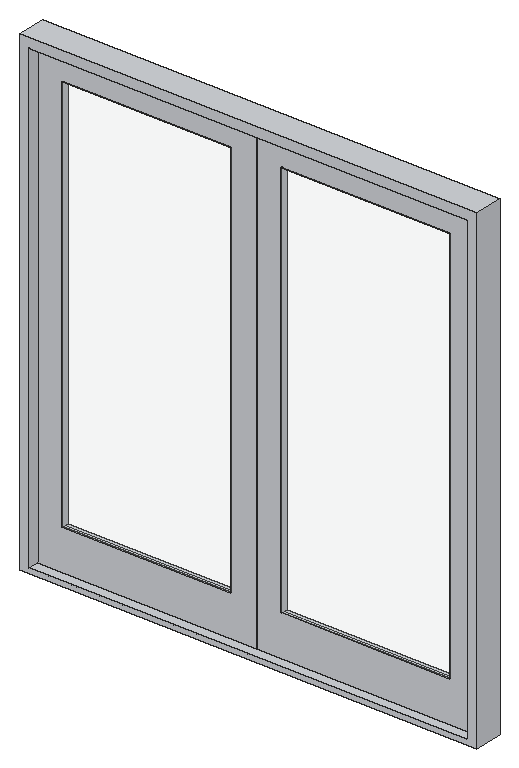
Revit family "PHLS Double Door", category Doors, host Wall, Revit 2018 (continued)
Definition of nested family "dReveal Right Side Text - Elevation"
  Lines and regions (mm)
    Filled region 3, type "Solid Fill - Blue", in view "Ref. Level"
      outline origin (37.164, 0, 0) x (1, 0, 0) y (0, 1, 0)
        loop
          line (-188.472, -33.793) -> (-185.05, -33.793) -> (-182.961, -23.613) -> (-175.674, -23.613)
          spline (-175.674, -23.613) -> (-171.33, -22.908) -> (-169.791, -22.309) -> (-168.405, -21.311) -> (-167.201, -20.024) -> (-166.317, -18.518) -> (-165.768, -16.888) -> (-165.579, -15.289) -> (-165.618, -13.63) -> (-166.119, -11.979) -> (-167.07, -10.588) -> (-168.322, -9.573) -> (-171.627, -8.762)
          line (-171.627, -8.762) -> (-183.335, -8.762) -> (-188.472, -33.793)
        loop
          line (-180.453, -11.396) -> (-182.387, -20.819) -> (-175.67, -20.819)
          spline (-175.67, -20.819) -> (-172.662, -20.274) -> (-171.624, -19.818) -> (-170.758, -19.233) -> (-170.01, -18.47) -> (-169.367, -17.36) -> (-168.916, -16.205) -> (-168.749, -15.161) -> (-168.855, -14.116) -> (-169.161, -13.156) -> (-169.994, -12.16) -> (-170.911, -11.709) -> (-173.495, -11.396)
          line (-173.495, -11.396) -> (-180.453, -11.396)
    Filled region 4, type "Solid Fill - Blue", in view "Ref. Level"
      outline origin (60.229, 0, 0) x (1, 0, 0) y (0, 1, 0)
        loop
          line (-188.472, -33.793) -> (-185.05, -33.793) -> (-182.961, -23.613) -> (-175.674, -23.613)
          spline (-175.674, -23.613) -> (-171.33, -22.908) -> (-169.791, -22.309) -> (-168.405, -21.311) -> (-167.201, -20.024) -> (-166.317, -18.518) -> (-165.768, -16.888) -> (-165.579, -15.289) -> (-165.618, -13.63) -> (-166.119, -11.979) -> (-167.07, -10.588) -> (-168.322, -9.573) -> (-171.627, -8.762)
          line (-171.627, -8.762) -> (-183.335, -8.762) -> (-188.472, -33.793)
        loop
          line (-180.453, -11.396) -> (-182.387, -20.819) -> (-175.67, -20.819)
          spline (-175.67, -20.819) -> (-172.662, -20.274) -> (-171.624, -19.818) -> (-170.758, -19.233) -> (-170.01, -18.47) -> (-169.367, -17.36) -> (-168.916, -16.205) -> (-168.749, -15.161) -> (-168.855, -14.116) -> (-169.161, -13.156) -> (-169.994, -12.16) -> (-170.911, -11.709) -> (-173.495, -11.396)
          line (-173.495, -11.396) -> (-180.453, -11.396)
    Filled region 5, type "Solid Fill - Blue", in view "Ref. Level"
      outline origin (105.229, 0, 0) x (1, 0, 0) y (0, 1, 0)
        loop
          line (-189.097, -33.793) -> (-186.143, -33.793) -> (-181.007, -8.762) -> (-183.96, -8.762) -> (-185.992, -18.666)
          spline (-185.992, -18.666) -> (-189.018, -15.645) -> (-191.89, -15.318) -> (-194.745, -16.312) -> (-197.017, -18.256) -> (-198.758, -21.005) -> (-199.707, -23.911) -> (-199.98, -27.227) -> (-199.492, -30.174) -> (-197.974, -32.627) -> (-195.435, -34.052) -> (-192.553, -33.977) -> (-188.596, -31.353)
          line (-188.596, -31.353) -> (-189.097, -33.793)
        loop
          spline (-187.074, -23.939) -> (-187.766, -19.434) -> (-189.652, -17.96) -> (-191.978, -17.855) -> (-193.982, -19.036) -> (-195.419, -21.043) -> (-196.57, -23.675) -> (-197.008, -26.615) -> (-196.558, -29.314) -> (-195.29, -31.127) -> (-193.225, -31.745) -> (-190.995, -31.199) -> (-187.564, -26.326)
          line (-187.564, -26.326) -> (-187.074, -23.939)
    Filled region 6, type "Solid Fill - Blue", in view "Ref. Level"
      outline origin (112.67, 0, 0) x (1, 0, 0) y (0, 1, 0)
        loop
          line (-188.472, -33.793) -> (-185.05, -33.793) -> (-182.768, -22.676) -> (-178.749, -22.676)
          spline (-178.749, -22.676) -> (-177.093, -22.836) -> (-175.853, -23.268) -> (-174.945, -23.899) -> (-174.288, -24.657) -> (-173.796, -25.469) -> (-173.389, -26.266) -> (-173.006, -27.05) -> (-172.612, -27.905) -> (-172.172, -28.918) -> (-171.652, -30.178) -> (-171.017, -31.774) -> (-170.235, -33.793)
          line (-170.235, -33.793) -> (-166.55, -33.793)
          spline (-166.55, -33.793) -> (-167.221, -32.11) -> (-167.783, -30.698) -> (-168.262, -29.514) -> (-168.682, -28.512) -> (-169.068, -27.647) -> (-169.446, -26.874) -> (-169.84, -26.149) -> (-170.279, -25.44) -> (-170.789, -24.735) -> (-171.402, -24.023) -> (-172.145, -23.293) -> (-173.048, -22.536)
          spline (-173.048, -22.536) -> (-169.187, -21.607) -> (-167.872, -20.91) -> (-166.626, -19.99) -> (-165.691, -18.809) -> (-165.041, -17.479) -> (-164.64, -16.087) -> (-164.569, -14.41) -> (-164.781, -12.941) -> (-165.311, -11.614) -> (-166.271, -10.347) -> (-167.333, -9.51) -> (-170.221, -8.762)
          line (-170.221, -8.762) -> (-183.335, -8.762) -> (-188.472, -33.793)
        loop
          line (-180.453, -11.396) -> (-182.195, -19.881) -> (-174.048, -19.881)
          spline (-174.048, -19.881) -> (-171.339, -19.39) -> (-170.403, -18.98) -> (-169.624, -18.453) -> (-168.951, -17.766) -> (-168.372, -16.767) -> (-167.965, -15.727) -> (-167.815, -14.787) -> (-167.91, -13.846) -> (-168.186, -12.981) -> (-168.936, -12.084) -> (-169.762, -11.678) -> (-172.089, -11.396)
          line (-172.089, -11.396) -> (-180.453, -11.396)
    Filled region 7, type "Solid Fill - Blue", in view "Ref. Level"
      outline origin (140.799, 0, 0) x (1, 0, 0) y (0, 1, 0)
        loop
          line (-188.129, -25.472) -> (-174.751, -25.472)
          spline (-174.751, -25.472) -> (-175.33, -18.793) -> (-178.232, -15.972) -> (-182.297, -15.286) -> (-185.875, -16.235) -> (-188.923, -19.053) -> (-190.829, -22.908) -> (-191.378, -26.678) -> (-190.398, -30.629) -> (-187.637, -33.408) -> (-183.785, -34.191) -> (-179.629, -32.861) -> (-175.591, -27.915)
          line (-175.591, -27.915) -> (-178.628, -27.65)
          spline (-178.628, -27.65) -> (-179.383, -29.083) -> (-180.181, -30.112) -> (-181.08, -30.842) -> (-182.086, -31.328) -> (-183.191, -31.613) -> (-184.325, -31.69) -> (-185.385, -31.524) -> (-186.294, -31.082) -> (-187.053, -30.342) -> (-187.68, -29.283) -> (-188.105, -27.762) -> (-188.129, -25.472)
        loop
          spline (-177.445, -23.161) -> (-177.526, -21.224) -> (-177.805, -19.993) -> (-178.317, -19.083) -> (-179.061, -18.396) -> (-179.944, -17.928) -> (-180.872, -17.685) -> (-181.802, -17.626) -> (-182.746, -17.748) -> (-183.806, -18.125) -> (-185.057, -18.884) -> (-186.406, -20.407) -> (-187.699, -23.161)
          line (-187.699, -23.161) -> (-177.445, -23.161)
    Filled region 8, type "Solid Fill - Blue", in view "Ref. Level"
      outline origin (177.936, 0, 0) x (1, 0, 0) y (0, 1, 0)
        loop
          line (-188.129, -25.472) -> (-174.751, -25.472)
          spline (-174.751, -25.472) -> (-175.33, -18.793) -> (-178.232, -15.972) -> (-182.297, -15.286) -> (-185.875, -16.235) -> (-188.923, -19.053) -> (-190.829, -22.908) -> (-191.378, -26.678) -> (-190.398, -30.629) -> (-187.637, -33.408) -> (-183.785, -34.191) -> (-179.629, -32.861) -> (-175.591, -27.915)
          line (-175.591, -27.915) -> (-178.628, -27.65)
          spline (-178.628, -27.65) -> (-179.383, -29.083) -> (-180.181, -30.112) -> (-181.08, -30.842) -> (-182.086, -31.328) -> (-183.191, -31.613) -> (-184.325, -31.69) -> (-185.385, -31.524) -> (-186.294, -31.082) -> (-187.053, -30.342) -> (-187.68, -29.283) -> (-188.105, -27.762) -> (-188.129, -25.472)
        loop
          spline (-177.445, -23.161) -> (-177.526, -21.224) -> (-177.805, -19.993) -> (-178.317, -19.083) -> (-179.061, -18.396) -> (-179.944, -17.928) -> (-180.872, -17.685) -> (-181.802, -17.626) -> (-182.746, -17.748) -> (-183.806, -18.125) -> (-185.057, -18.884) -> (-186.406, -20.407) -> (-187.699, -23.161)
          line (-187.699, -23.161) -> (-177.445, -23.161)
    Filled region 9, type "Solid Fill - Blue", in view "Ref. Level"
      outline origin (162.443, 0, 0) x (1, 0, 0) y (0, 1, 0)
        loop
          line (-189.88, -33.819) -> (-186.425, -33.819) -> (-175.939, -15.656) -> (-179.19, -15.656) -> (-187.655, -30.927) -> (-189.88, -15.656) -> (-192.832, -15.656) -> (-189.88, -33.819)
    Filled region 10, type "Solid Fill - Blue", in view "Ref. Level"
      outline origin (197.496, 0, 0) x (1, 0, 0) y (0, 1, 0)
        loop
          spline (-176.731, -33.81) -> (-177.048, -30.756) -> (-176.568, -27.729) -> (-175.862, -24.428) -> (-175.296, -21.761) -> (-175.209, -19.472) -> (-176.174, -17.323) -> (-178.088, -15.946) -> (-180.408, -15.324) -> (-183.076, -15.244) -> (-185.871, -15.924) -> (-188.445, -17.662) -> (-190.254, -20.766)
          line (-190.254, -20.766) -> (-187.177, -21.036)
          spline (-187.177, -21.036) -> (-186.217, -19.367) -> (-185.166, -18.49) -> (-184.123, -18.053) -> (-183.14, -17.828) -> (-182.213, -17.753) -> (-181.329, -17.788) -> (-180.488, -17.931) -> (-179.696, -18.205) -> (-178.989, -18.646) -> (-178.457, -19.328) -> (-178.242, -20.429) -> (-178.61, -22.434)
          spline (-178.61, -22.434) -> (-182.106, -22.969) -> (-185.94, -23.268) -> (-188.411, -23.836) -> (-190.183, -24.81) -> (-191.466, -26.329) -> (-192.072, -28.375) -> (-191.785, -30.63) -> (-190.666, -32.589) -> (-188.815, -33.834) -> (-186.625, -34.269) -> (-184.308, -33.979) -> (-180.197, -31.547)
          line (-180.197, -31.547) -> (-179.837, -33.81) -> (-176.731, -33.81)
        loop
          arc (-179.062, -24.59) -> (-179.61, -24.797) -> (-180.176, -24.947) r 5.632
          spline (-180.176, -24.947) -> (-183.054, -25.289) -> (-185.569, -25.599) -> (-187.565, -26.26) -> (-188.711, -27.474) -> (-189.006, -29.249) -> (-188.323, -30.798) -> (-186.742, -31.691) -> (-184.734, -31.772) -> (-182.898, -31.193) -> (-181.336, -30.093) -> (-180.13, -28.385) -> (-179.062, -24.59)
    Filled region 11, type "Solid Fill - Blue", in view "Ref. Level"
      outline origin (212.589, 0, 0) x (1, 0, 0) y (0, 1, 0)
        loop
          line (-188.472, -33.793) -> (-185.362, -33.793) -> (-180.225, -8.762) -> (-183.335, -8.762) -> (-188.472, -33.793)
    Filled region 12, type "Solid Fill - Blue", in view "Ref. Level"
      outline origin (374.336, 0, 0) x (1, 0, 0) y (0, 1, 0)
        loop
          line (-188.129, -25.472) -> (-174.751, -25.472)
          spline (-174.751, -25.472) -> (-175.33, -18.793) -> (-178.232, -15.972) -> (-182.297, -15.286) -> (-185.875, -16.235) -> (-188.923, -19.053) -> (-190.829, -22.908) -> (-191.378, -26.678) -> (-190.398, -30.629) -> (-187.637, -33.408) -> (-183.785, -34.191) -> (-179.629, -32.861) -> (-175.591, -27.915)
          line (-175.591, -27.915) -> (-178.628, -27.65)
          spline (-178.628, -27.65) -> (-179.383, -29.083) -> (-180.181, -30.112) -> (-181.08, -30.842) -> (-182.086, -31.328) -> (-183.191, -31.613) -> (-184.325, -31.69) -> (-185.385, -31.524) -> (-186.294, -31.082) -> (-187.053, -30.342) -> (-187.68, -29.283) -> (-188.105, -27.762) -> (-188.129, -25.472)
        loop
          spline (-177.445, -23.161) -> (-177.526, -21.224) -> (-177.805, -19.993) -> (-178.317, -19.083) -> (-179.061, -18.396) -> (-179.944, -17.928) -> (-180.872, -17.685) -> (-181.802, -17.626) -> (-182.746, -17.748) -> (-183.806, -18.125) -> (-185.057, -18.884) -> (-186.406, -20.407) -> (-187.699, -23.161)
          line (-187.699, -23.161) -> (-177.445, -23.161)
    Filled region 13, type "Solid Fill - Blue", in view "Ref. Level"
      outline origin (363.908, 0, 0) x (1, 0, 0) y (0, 1, 0)
        loop
          line (-189.097, -33.793) -> (-186.143, -33.793) -> (-181.007, -8.762) -> (-183.96, -8.762) -> (-185.992, -18.666)
          spline (-185.992, -18.666) -> (-189.018, -15.645) -> (-191.89, -15.318) -> (-194.745, -16.312) -> (-197.017, -18.256) -> (-198.758, -21.005) -> (-199.707, -23.911) -> (-199.98, -27.227) -> (-199.492, -30.174) -> (-197.974, -32.627) -> (-195.435, -34.052) -> (-192.553, -33.977) -> (-188.596, -31.353)
          line (-188.596, -31.353) -> (-189.097, -33.793)
        loop
          spline (-187.074, -23.939) -> (-187.766, -19.434) -> (-189.652, -17.96) -> (-191.978, -17.855) -> (-193.982, -19.036) -> (-195.419, -21.043) -> (-196.57, -23.675) -> (-197.008, -26.615) -> (-196.558, -29.314) -> (-195.29, -31.127) -> (-193.225, -31.745) -> (-190.995, -31.199) -> (-187.564, -26.326)
          line (-187.564, -26.326) -> (-187.074, -23.939)
    Filled region 14, type "Solid Fill - Blue", in view "Ref. Level"
      outline origin (301.91, 0, 0) x (1, 0, 0) y (0, 1, 0)
        loop
          spline (-188.225, -31.068) -> (-188.142, -32.2) -> (-187.85, -32.743) -> (-187.548, -33.075) -> (-187.215, -33.366) -> (-186.817, -33.641) -> (-186.334, -33.851) -> (-185.8, -33.988) -> (-185.279, -34.07) -> (-184.77, -34.11) -> (-184.203, -34.117) -> (-183.457, -34.057) -> (-182.296, -33.793)
          line (-182.296, -33.793) -> (-181.778, -31.268)
          spline (-181.778, -31.268) -> (-182.615, -31.431) -> (-183.256, -31.506) -> (-183.748, -31.513) -> (-184.131, -31.466) -> (-184.428, -31.371) -> (-184.66, -31.233) -> (-184.832, -31.045) -> (-184.939, -30.798) -> (-184.983, -30.489) -> (-184.981, -30.117) -> (-184.902, -29.552) -> (-184.676, -28.55)
          line (-184.676, -28.55) -> (-182.44, -18.033) -> (-179.466, -18.033) -> (-178.977, -15.651) -> (-181.952, -15.651) -> (-180.595, -9.043) -> (-184.142, -11.174) -> (-185.061, -15.651) -> (-187.516, -15.651) -> (-188.004, -18.033) -> (-185.55, -18.033) -> (-188.225, -31.068)
    Filled region 15, type "Solid Fill - Blue", in view "Ref. Level"
      outline origin (342.757, 0, 0) x (1, 0, 0) y (0, 1, 0)
        loop
          line (-187.046, -33.813) -> (-183.92, -33.813) -> (-180.059, -15.651) -> (-183.186, -15.651) -> (-187.046, -33.813)
        loop
          line (-178.662, -8.76) -> (-181.772, -8.76) -> (-182.479, -12.206) -> (-179.369, -12.206) -> (-178.662, -8.76)
    Filled region 16, type "Solid Fill - Blue", in view "Ref. Level"
      outline origin (325.902, 0, 0) x (1, 0, 0) y (0, 1, 0)
        loop
          spline (-191.902, -25.696) -> (-188.873, -32.573) -> (-184.7, -34.054) -> (-179.1, -33.911) -> (-174.626, -31.632) -> (-172.605, -27.747) -> (-173.701, -23.276) -> (-177.807, -20.444) -> (-183.106, -18.033) -> (-185.511, -14.656) -> (-182.77, -11.452) -> (-177.656, -11.4) -> (-174.053, -16.091)
          line (-174.053, -16.091) -> (-170.823, -15.809)
          spline (-170.823, -15.809) -> (-173.206, -10.35) -> (-177.749, -8.428) -> (-183.329, -8.698) -> (-187.292, -10.915) -> (-188.76, -15.635) -> (-186.187, -19.894) -> (-181.292, -22.401) -> (-176.599, -25.193) -> (-176.643, -29.277) -> (-181.021, -31.416) -> (-186.304, -30.526) -> (-188.603, -25.407)
          line (-188.603, -25.407) -> (-191.902, -25.696)
    Filled region 17, type "Solid Fill - Blue", in view "Ref. Level"
      outline origin (231.047, 0, 0) x (1, 0, 0) y (0, 1, 0)
        loop
          line (-188.472, -33.793) -> (-185.05, -33.793) -> (-182.768, -22.676) -> (-178.749, -22.676)
          spline (-178.749, -22.676) -> (-177.093, -22.836) -> (-175.853, -23.268) -> (-174.945, -23.899) -> (-174.288, -24.657) -> (-173.796, -25.469) -> (-173.389, -26.266) -> (-173.006, -27.05) -> (-172.612, -27.905) -> (-172.172, -28.918) -> (-171.652, -30.178) -> (-171.017, -31.774) -> (-170.235, -33.793)
          line (-170.235, -33.793) -> (-166.55, -33.793)
          spline (-166.55, -33.793) -> (-167.221, -32.11) -> (-167.783, -30.698) -> (-168.262, -29.514) -> (-168.682, -28.512) -> (-169.068, -27.647) -> (-169.446, -26.874) -> (-169.84, -26.149) -> (-170.279, -25.44) -> (-170.789, -24.735) -> (-171.402, -24.023) -> (-172.145, -23.293) -> (-173.048, -22.536)
          spline (-173.048, -22.536) -> (-169.187, -21.607) -> (-167.872, -20.91) -> (-166.626, -19.99) -> (-165.691, -18.809) -> (-165.041, -17.479) -> (-164.64, -16.087) -> (-164.569, -14.41) -> (-164.781, -12.941) -> (-165.311, -11.614) -> (-166.271, -10.347) -> (-167.333, -9.51) -> (-170.221, -8.762)
          line (-170.221, -8.762) -> (-183.335, -8.762) -> (-188.472, -33.793)
        loop
          line (-180.453, -11.396) -> (-182.195, -19.881) -> (-174.048, -19.881)
          spline (-174.048, -19.881) -> (-171.339, -19.39) -> (-170.403, -18.98) -> (-169.624, -18.453) -> (-168.951, -17.766) -> (-168.372, -16.767) -> (-167.965, -15.727) -> (-167.815, -14.787) -> (-167.91, -13.846) -> (-168.186, -12.981) -> (-168.936, -12.084) -> (-169.762, -11.678) -> (-172.089, -11.396)
          line (-172.089, -11.396) -> (-180.453, -11.396)
    Filled region 18, type "Solid Fill - Blue", in view "Ref. Level"
      outline origin (254.228, 0, 0) x (1, 0, 0) y (0, 1, 0)
        loop
          line (-187.046, -33.813) -> (-183.92, -33.813) -> (-180.059, -15.651) -> (-183.186, -15.651) -> (-187.046, -33.813)
        loop
          line (-178.662, -8.76) -> (-181.772, -8.76) -> (-182.479, -12.206) -> (-179.369, -12.206) -> (-178.662, -8.76)
    Filled region 19, type "Solid Fill - Blue", in view "Ref. Level"
      outline origin (273.129, 0, 0) x (1, 0, 0) y (0, 1, 0)
        loop
          line (-180.059, -15.651) -> (-182.873, -15.651) -> (-183.507, -18.631)
          spline (-183.507, -18.631) -> (-187.01, -15.474) -> (-189.921, -15.283) -> (-192.548, -16.16) -> (-194.909, -18.032) -> (-196.766, -20.673) -> (-197.861, -23.651) -> (-198.089, -26.745) -> (-197.453, -29.77) -> (-195.976, -32.014) -> (-193.714, -33.506) -> (-190.414, -33.658) -> (-186.497, -31.375)
          spline (-186.497, -31.375) -> (-187.176, -34.352) -> (-187.597, -35.867) -> (-188.052, -36.823) -> (-188.69, -37.524) -> (-189.569, -38.048) -> (-190.623, -38.384) -> (-191.767, -38.529) -> (-192.924, -38.517) -> (-193.958, -38.361) -> (-194.751, -38.029) -> (-195.45, -37.333) -> (-195.731, -35.767)
          line (-195.731, -35.767) -> (-198.821, -35.466)
          spline (-198.821, -35.466) -> (-198.736, -37.55) -> (-198.091, -39.018) -> (-196.931, -40.043) -> (-195.401, -40.659) -> (-193.776, -40.988) -> (-192.164, -41.084) -> (-190.591, -40.969) -> (-189.102, -40.652) -> (-187.722, -40.101) -> (-186.377, -39.083) -> (-185.025, -37.23) -> (-183.92, -33.813)
          line (-183.92, -33.813) -> (-180.059, -15.651)
        loop
          spline (-191.883, -31.164) -> (-190.589, -31.311) -> (-189.243, -30.995) -> (-187.939, -30.237) -> (-186.765, -29.087) -> (-185.801, -27.626) -> (-185.113, -25.951) -> (-184.747, -24.178) -> (-184.729, -22.427) -> (-185.06, -20.818) -> (-185.717, -19.46) -> (-186.655, -18.445) -> (-187.811, -17.844)
          spline (-187.811, -17.844) -> (-189.106, -17.696) -> (-190.451, -18.012) -> (-191.755, -18.771) -> (-192.93, -19.92) -> (-193.894, -21.382) -> (-194.582, -23.056) -> (-194.948, -24.829) -> (-194.966, -26.58) -> (-194.635, -28.189) -> (-193.978, -29.548) -> (-193.039, -30.562) -> (-191.883, -31.164)
    Filled region 20, type "Solid Fill - Blue", in view "Ref. Level"
      outline origin (280.845, 0, 0) x (1, 0, 0) y (0, 1, 0)
        loop
          line (-187.203, -33.813) -> (-184.076, -33.813) -> (-182.029, -24.183)
          spline (-182.029, -24.183) -> (-181.055, -21.496) -> (-180.114, -19.985) -> (-179.213, -19.156) -> (-178.355, -18.578) -> (-177.493, -18.149) -> (-176.57, -17.875) -> (-175.595, -17.762) -> (-174.69, -17.814) -> (-173.937, -18.051) -> (-173.31, -18.53) -> (-172.9, -19.34) -> (-173.029, -21.034)
          line (-173.029, -21.034) -> (-175.745, -33.813) -> (-172.618, -33.813) -> (-170.184, -22.361)
          spline (-170.184, -22.361) -> (-169.793, -19.618) -> (-169.966, -18.045) -> (-170.478, -17.066) -> (-171.158, -16.393) -> (-171.899, -15.878) -> (-172.776, -15.508) -> (-173.861, -15.299) -> (-175.038, -15.27) -> (-176.173, -15.439) -> (-177.283, -15.818) -> (-178.473, -16.46) -> (-180.15, -17.713)
          line (-180.15, -17.713) -> (-180.789, -18.352) -> (-178.751, -8.76) -> (-181.877, -8.76) -> (-187.203, -33.813)
Definition of nested family "oOver Text - Elevation"
  Reference planes
    plane 1 "Center (Front/Back)": y = 0
    plane 2: z = 0
    plane 3 "Center (Left/Right)": x = 0
  Lines and regions (mm)
    Filled region 1, type "Solid Fill - Blue", in view "Ref. Level"
      outline origin (89.608, 43, 0) x (1, 0, 0) y (0, 1, 0)
        loop
          line (-188.472, -33.793) -> (-185.05, -33.793) -> (-182.961, -23.613) -> (-175.674, -23.613)
          spline (-175.674, -23.613) -> (-171.33, -22.908) -> (-169.791, -22.309) -> (-168.405, -21.311) -> (-167.201, -20.024) -> (-166.317, -18.518) -> (-165.768, -16.888) -> (-165.579, -15.289) -> (-165.618, -13.63) -> (-166.119, -11.979) -> (-167.07, -10.588) -> (-168.322, -9.573) -> (-171.627, -8.762)
          line (-171.627, -8.762) -> (-183.335, -8.762) -> (-188.472, -33.793)
        loop
          line (-180.453, -11.396) -> (-182.387, -20.819) -> (-175.67, -20.819)
          spline (-175.67, -20.819) -> (-172.662, -20.274) -> (-171.624, -19.818) -> (-170.758, -19.233) -> (-170.01, -18.47) -> (-169.367, -17.36) -> (-168.916, -16.205) -> (-168.749, -15.161) -> (-168.855, -14.116) -> (-169.161, -13.156) -> (-169.994, -12.16) -> (-170.911, -11.709) -> (-173.495, -11.396)
          line (-173.495, -11.396) -> (-180.453, -11.396)
    Filled region 2, type "Solid Fill - Blue", in view "Ref. Level"
      outline origin (112.819, 43, 0) x (1, 0, 0) y (0, 1, 0)
        loop
          line (-188.472, -33.793) -> (-185.05, -33.793) -> (-182.624, -21.973) -> (-169.658, -21.973) -> (-172.083, -33.793) -> (-168.661, -33.793) -> (-163.525, -8.762) -> (-166.947, -8.762) -> (-169.084, -19.178) -> (-182.05, -19.178) -> (-179.913, -8.762) -> (-183.335, -8.762) -> (-188.472, -33.793)
    Filled region 3, type "Solid Fill - Blue", in view "Ref. Level"
      outline origin (138.023, 43, 0) x (1, 0, 0) y (0, 1, 0)
        loop
          line (-188.472, -33.793) -> (-185.05, -33.793) -> (-182.961, -23.613) -> (-175.674, -23.613)
          spline (-175.674, -23.613) -> (-171.33, -22.908) -> (-169.791, -22.309) -> (-168.405, -21.311) -> (-167.201, -20.024) -> (-166.317, -18.518) -> (-165.768, -16.888) -> (-165.579, -15.289) -> (-165.618, -13.63) -> (-166.119, -11.979) -> (-167.07, -10.588) -> (-168.322, -9.573) -> (-171.627, -8.762)
          line (-171.627, -8.762) -> (-183.335, -8.762) -> (-188.472, -33.793)
        loop
          line (-180.453, -11.396) -> (-182.387, -20.819) -> (-175.67, -20.819)
          spline (-175.67, -20.819) -> (-172.662, -20.274) -> (-171.624, -19.818) -> (-170.758, -19.233) -> (-170.01, -18.47) -> (-169.367, -17.36) -> (-168.916, -16.205) -> (-168.749, -15.161) -> (-168.855, -14.116) -> (-169.161, -13.156) -> (-169.994, -12.16) -> (-170.911, -11.709) -> (-173.495, -11.396)
          line (-173.495, -11.396) -> (-180.453, -11.396)
    Filled region 4, type "Solid Fill - Blue", in view "Ref. Level"
      outline origin (161.087, 43, 0) x (1, 0, 0) y (0, 1, 0)
        loop
          line (-188.472, -33.793) -> (-185.05, -33.793) -> (-182.961, -23.613) -> (-175.674, -23.613)
          spline (-175.674, -23.613) -> (-171.33, -22.908) -> (-169.791, -22.309) -> (-168.405, -21.311) -> (-167.201, -20.024) -> (-166.317, -18.518) -> (-165.768, -16.888) -> (-165.579, -15.289) -> (-165.618, -13.63) -> (-166.119, -11.979) -> (-167.07, -10.588) -> (-168.322, -9.573) -> (-171.627, -8.762)
          line (-171.627, -8.762) -> (-183.335, -8.762) -> (-188.472, -33.793)
        loop
          line (-180.453, -11.396) -> (-182.387, -20.819) -> (-175.67, -20.819)
          spline (-175.67, -20.819) -> (-172.662, -20.274) -> (-171.624, -19.818) -> (-170.758, -19.233) -> (-170.01, -18.47) -> (-169.367, -17.36) -> (-168.916, -16.205) -> (-168.749, -15.161) -> (-168.855, -14.116) -> (-169.161, -13.156) -> (-169.994, -12.16) -> (-170.911, -11.709) -> (-173.495, -11.396)
          line (-173.495, -11.396) -> (-180.453, -11.396)
    Filled region 5, type "Solid Fill - Blue", in view "Ref. Level"
      outline origin (261.661, 43, 0) x (1, 0, 0) y (0, 1, 0)
        loop
          line (-188.129, -25.472) -> (-174.751, -25.472)
          spline (-174.751, -25.472) -> (-175.33, -18.793) -> (-178.232, -15.972) -> (-182.297, -15.286) -> (-185.875, -16.235) -> (-188.923, -19.053) -> (-190.829, -22.908) -> (-191.378, -26.678) -> (-190.398, -30.629) -> (-187.637, -33.408) -> (-183.785, -34.191) -> (-179.629, -32.861) -> (-175.591, -27.915)
          line (-175.591, -27.915) -> (-178.628, -27.65)
          spline (-178.628, -27.65) -> (-179.383, -29.083) -> (-180.181, -30.112) -> (-181.08, -30.842) -> (-182.086, -31.328) -> (-183.191, -31.613) -> (-184.325, -31.69) -> (-185.385, -31.524) -> (-186.294, -31.082) -> (-187.053, -30.342) -> (-187.68, -29.283) -> (-188.105, -27.762) -> (-188.129, -25.472)
        loop
          spline (-177.445, -23.161) -> (-177.526, -21.224) -> (-177.805, -19.993) -> (-178.317, -19.083) -> (-179.061, -18.396) -> (-179.944, -17.928) -> (-180.872, -17.685) -> (-181.802, -17.626) -> (-182.746, -17.748) -> (-183.806, -18.125) -> (-185.057, -18.884) -> (-186.406, -20.407) -> (-187.699, -23.161)
          line (-187.699, -23.161) -> (-177.445, -23.161)
    Filled region 6, type "Solid Fill - Blue", in view "Ref. Level"
      outline origin (246.168, 43, 0) x (1, 0, 0) y (0, 1, 0)
        loop
          line (-189.88, -33.819) -> (-186.425, -33.819) -> (-175.939, -15.656) -> (-179.19, -15.656) -> (-187.655, -30.927) -> (-189.88, -15.656) -> (-192.832, -15.656) -> (-189.88, -33.819)
    Filled region 7, type "Solid Fill - Blue", in view "Ref. Level"
      outline origin (275.905, 42.972, 0) x (1, 0, 0) y (0, 1, 0)
        loop
          line (-187.203, -33.813) -> (-184.232, -33.813) -> (-182.187, -24.191)
          spline (-182.187, -24.191) -> (-181.595, -22.531) -> (-181.014, -21.296) -> (-180.448, -20.401) -> (-179.904, -19.758) -> (-179.385, -19.282) -> (-178.893, -18.903) -> (-178.403, -18.603) -> (-177.889, -18.375) -> (-177.325, -18.211) -> (-176.675, -18.137) -> (-175.886, -18.259) -> (-174.899, -18.698)
          line (-174.899, -18.698) -> (-173.695, -15.861)
          spline (-173.695, -15.861) -> (-174.712, -15.452) -> (-175.433, -15.243) -> (-176.054, -15.188) -> (-176.66, -15.253) -> (-177.241, -15.405) -> (-177.786, -15.618) -> (-178.303, -15.896) -> (-178.811, -16.26) -> (-179.331, -16.733) -> (-179.901, -17.353) -> (-180.588, -18.186) -> (-181.46, -19.3)
          line (-181.46, -19.3) -> (-180.684, -15.651) -> (-183.342, -15.651) -> (-187.203, -33.813)
    Filled region 8, type "Solid Fill - Blue", in view "Ref. Level"
      outline origin (231.737, 44.261, 0) x (1, 0, 0) y (0, 1, 0)
        loop
          spline (-197.159, -32.146) -> (-194.96, -32.651) -> (-192.646, -32.462) -> (-190.372, -31.592) -> (-188.295, -30.101) -> (-186.555, -28.09) -> (-185.271, -25.696) -> (-184.532, -23.082) -> (-184.386, -20.427) -> (-184.844, -17.911) -> (-185.876, -15.706) -> (-187.41, -13.962) -> (-189.341, -12.798)
          spline (-189.341, -12.798) -> (-191.54, -12.293) -> (-193.854, -12.482) -> (-196.128, -13.352) -> (-198.205, -14.843) -> (-199.945, -16.854) -> (-201.229, -19.248) -> (-201.968, -21.862) -> (-202.114, -24.517) -> (-201.655, -27.033) -> (-200.624, -29.238) -> (-199.09, -30.982) -> (-197.159, -32.146)
        loop
          spline (-198.217, -34.766) -> (-195.257, -35.474) -> (-192.161, -35.297) -> (-189.138, -34.245) -> (-186.396, -32.391) -> (-184.121, -29.862) -> (-182.468, -26.828) -> (-181.55, -23.498) -> (-181.429, -20.098) -> (-182.114, -16.859) -> (-183.557, -14.003) -> (-185.662, -11.724) -> (-188.283, -10.178)
          spline (-188.283, -10.178) -> (-191.243, -9.47) -> (-194.339, -9.647) -> (-197.362, -10.699) -> (-200.104, -12.553) -> (-202.379, -15.082) -> (-204.032, -18.116) -> (-204.95, -21.446) -> (-205.071, -24.846) -> (-204.386, -28.085) -> (-202.942, -30.941) -> (-200.838, -33.22) -> (-198.217, -34.766)
    Filled region 9, type "Solid Fill - Blue", in view "Ref. Level"
      outline origin (199.751, 43.237, 0) x (1, 0, 0) y (0, 1, 0)
        loop
          spline (-187.2, -31.928) -> (-185.814, -32.036) -> (-184.391, -31.647) -> (-183.027, -30.787) -> (-181.817, -29.514) -> (-180.842, -27.915) -> (-180.169, -26.1) -> (-179.844, -24.191) -> (-179.889, -22.319) -> (-180.301, -20.612) -> (-181.051, -19.185) -> (-182.089, -18.136) -> (-183.345, -17.537)
          spline (-183.345, -17.537) -> (-184.731, -17.428) -> (-186.154, -17.818) -> (-187.518, -18.678) -> (-188.728, -19.951) -> (-189.703, -21.549) -> (-190.376, -23.365) -> (-190.701, -25.274) -> (-190.656, -27.146) -> (-190.244, -28.853) -> (-189.494, -30.28) -> (-188.455, -31.328) -> (-187.2, -31.928)
        loop
          spline (-187.969, -34.137) -> (-185.791, -34.414) -> (-183.578, -34.032) -> (-181.481, -33.016) -> (-179.642, -31.436) -> (-178.186, -29.399) -> (-177.214, -27.043) -> (-176.79, -24.53) -> (-176.945, -22.031) -> (-177.667, -19.717) -> (-178.908, -17.743) -> (-180.582, -16.247) -> (-182.576, -15.328)
          spline (-182.576, -15.328) -> (-184.753, -15.05) -> (-186.967, -15.433) -> (-189.064, -16.448) -> (-190.903, -18.029) -> (-192.359, -20.066) -> (-193.331, -22.422) -> (-193.755, -24.934) -> (-193.6, -27.433) -> (-192.878, -29.748) -> (-191.637, -31.721) -> (-189.963, -33.218) -> (-187.969, -34.137)
Definition of nested family "dOver Text - Elevation"
  Reference planes
    plane 1 "Center (Front/Back)": y = 0
    plane 2: z = 0
    plane 3 "Center (Left/Right)": x = 0
  Lines and regions (mm)
    Filled region 1, type "Solid Fill - Blue", in view "Ref. Level"
      outline origin (89.608, 0, 0) x (1, 0, 0) y (0, 1, 0)
        loop
          line (-188.472, -33.793) -> (-185.05, -33.793) -> (-182.961, -23.613) -> (-175.674, -23.613)
          spline (-175.674, -23.613) -> (-171.33, -22.908) -> (-169.791, -22.309) -> (-168.405, -21.311) -> (-167.201, -20.024) -> (-166.317, -18.518) -> (-165.768, -16.888) -> (-165.579, -15.289) -> (-165.618, -13.63) -> (-166.119, -11.979) -> (-167.07, -10.588) -> (-168.322, -9.573) -> (-171.627, -8.762)
          line (-171.627, -8.762) -> (-183.335, -8.762) -> (-188.472, -33.793)
        loop
          line (-180.453, -11.396) -> (-182.387, -20.819) -> (-175.67, -20.819)
          spline (-175.67, -20.819) -> (-172.662, -20.274) -> (-171.624, -19.818) -> (-170.758, -19.233) -> (-170.01, -18.47) -> (-169.367, -17.36) -> (-168.916, -16.205) -> (-168.749, -15.161) -> (-168.855, -14.116) -> (-169.161, -13.156) -> (-169.994, -12.16) -> (-170.911, -11.709) -> (-173.495, -11.396)
          line (-173.495, -11.396) -> (-180.453, -11.396)
    Filled region 2, type "Solid Fill - Blue", in view "Ref. Level"
      outline origin (112.819, 0, 0) x (1, 0, 0) y (0, 1, 0)
        loop
          line (-188.472, -33.793) -> (-185.05, -33.793) -> (-182.624, -21.973) -> (-169.658, -21.973) -> (-172.083, -33.793) -> (-168.661, -33.793) -> (-163.525, -8.762) -> (-166.947, -8.762) -> (-169.084, -19.178) -> (-182.05, -19.178) -> (-179.913, -8.762) -> (-183.335, -8.762) -> (-188.472, -33.793)
    Filled region 3, type "Solid Fill - Blue", in view "Ref. Level"
      outline origin (138.023, 0, 0) x (1, 0, 0) y (0, 1, 0)
        loop
          line (-188.472, -33.793) -> (-185.05, -33.793) -> (-182.961, -23.613) -> (-175.674, -23.613)
          spline (-175.674, -23.613) -> (-171.33, -22.908) -> (-169.791, -22.309) -> (-168.405, -21.311) -> (-167.201, -20.024) -> (-166.317, -18.518) -> (-165.768, -16.888) -> (-165.579, -15.289) -> (-165.618, -13.63) -> (-166.119, -11.979) -> (-167.07, -10.588) -> (-168.322, -9.573) -> (-171.627, -8.762)
          line (-171.627, -8.762) -> (-183.335, -8.762) -> (-188.472, -33.793)
        loop
          line (-180.453, -11.396) -> (-182.387, -20.819) -> (-175.67, -20.819)
          spline (-175.67, -20.819) -> (-172.662, -20.274) -> (-171.624, -19.818) -> (-170.758, -19.233) -> (-170.01, -18.47) -> (-169.367, -17.36) -> (-168.916, -16.205) -> (-168.749, -15.161) -> (-168.855, -14.116) -> (-169.161, -13.156) -> (-169.994, -12.16) -> (-170.911, -11.709) -> (-173.495, -11.396)
          line (-173.495, -11.396) -> (-180.453, -11.396)
    Filled region 4, type "Solid Fill - Blue", in view "Ref. Level"
      outline origin (161.087, 0, 0) x (1, 0, 0) y (0, 1, 0)
        loop
          line (-188.472, -33.793) -> (-185.05, -33.793) -> (-182.961, -23.613) -> (-175.674, -23.613)
          spline (-175.674, -23.613) -> (-171.33, -22.908) -> (-169.791, -22.309) -> (-168.405, -21.311) -> (-167.201, -20.024) -> (-166.317, -18.518) -> (-165.768, -16.888) -> (-165.579, -15.289) -> (-165.618, -13.63) -> (-166.119, -11.979) -> (-167.07, -10.588) -> (-168.322, -9.573) -> (-171.627, -8.762)
          line (-171.627, -8.762) -> (-183.335, -8.762) -> (-188.472, -33.793)
        loop
          line (-180.453, -11.396) -> (-182.387, -20.819) -> (-175.67, -20.819)
          spline (-175.67, -20.819) -> (-172.662, -20.274) -> (-171.624, -19.818) -> (-170.758, -19.233) -> (-170.01, -18.47) -> (-169.367, -17.36) -> (-168.916, -16.205) -> (-168.749, -15.161) -> (-168.855, -14.116) -> (-169.161, -13.156) -> (-169.994, -12.16) -> (-170.911, -11.709) -> (-173.495, -11.396)
          line (-173.495, -11.396) -> (-180.453, -11.396)
    Filled region 5, type "Solid Fill - Blue", in view "Ref. Level"
      outline origin (206.087, 0, 0) x (1, 0, 0) y (0, 1, 0)
        loop
          line (-189.097, -33.793) -> (-186.143, -33.793) -> (-181.007, -8.762) -> (-183.96, -8.762) -> (-185.992, -18.666)
          spline (-185.992, -18.666) -> (-189.018, -15.645) -> (-191.89, -15.318) -> (-194.745, -16.312) -> (-197.017, -18.256) -> (-198.758, -21.005) -> (-199.707, -23.911) -> (-199.98, -27.227) -> (-199.492, -30.174) -> (-197.974, -32.627) -> (-195.435, -34.052) -> (-192.553, -33.977) -> (-188.596, -31.353)
          line (-188.596, -31.353) -> (-189.097, -33.793)
        loop
          spline (-187.074, -23.939) -> (-187.766, -19.434) -> (-189.652, -17.96) -> (-191.978, -17.855) -> (-193.982, -19.036) -> (-195.419, -21.043) -> (-196.57, -23.675) -> (-197.008, -26.615) -> (-196.558, -29.314) -> (-195.29, -31.127) -> (-193.225, -31.745) -> (-190.995, -31.199) -> (-187.564, -26.326)
          line (-187.564, -26.326) -> (-187.074, -23.939)
    Filled region 6, type "Solid Fill - Blue", in view "Ref. Level"
      outline origin (261.661, 0, 0) x (1, 0, 0) y (0, 1, 0)
        loop
          line (-188.129, -25.472) -> (-174.751, -25.472)
          spline (-174.751, -25.472) -> (-175.33, -18.793) -> (-178.232, -15.972) -> (-182.297, -15.286) -> (-185.875, -16.235) -> (-188.923, -19.053) -> (-190.829, -22.908) -> (-191.378, -26.678) -> (-190.398, -30.629) -> (-187.637, -33.408) -> (-183.785, -34.191) -> (-179.629, -32.861) -> (-175.591, -27.915)
          line (-175.591, -27.915) -> (-178.628, -27.65)
          spline (-178.628, -27.65) -> (-179.383, -29.083) -> (-180.181, -30.112) -> (-181.08, -30.842) -> (-182.086, -31.328) -> (-183.191, -31.613) -> (-184.325, -31.69) -> (-185.385, -31.524) -> (-186.294, -31.082) -> (-187.053, -30.342) -> (-187.68, -29.283) -> (-188.105, -27.762) -> (-188.129, -25.472)
        loop
          spline (-177.445, -23.161) -> (-177.526, -21.224) -> (-177.805, -19.993) -> (-178.317, -19.083) -> (-179.061, -18.396) -> (-179.944, -17.928) -> (-180.872, -17.685) -> (-181.802, -17.626) -> (-182.746, -17.748) -> (-183.806, -18.125) -> (-185.057, -18.884) -> (-186.406, -20.407) -> (-187.699, -23.161)
          line (-187.699, -23.161) -> (-177.445, -23.161)
    Filled region 7, type "Solid Fill - Blue", in view "Ref. Level"
      outline origin (246.168, 0, 0) x (1, 0, 0) y (0, 1, 0)
        loop
          line (-189.88, -33.819) -> (-186.425, -33.819) -> (-175.939, -15.656) -> (-179.19, -15.656) -> (-187.655, -30.927) -> (-189.88, -15.656) -> (-192.832, -15.656) -> (-189.88, -33.819)
    Filled region 8, type "Solid Fill - Blue", in view "Ref. Level"
      outline origin (275.905, -0.028, 0) x (1, 0, 0) y (0, 1, 0)
        loop
          line (-187.203, -33.813) -> (-184.232, -33.813) -> (-182.187, -24.191)
          spline (-182.187, -24.191) -> (-181.595, -22.531) -> (-181.014, -21.296) -> (-180.448, -20.401) -> (-179.904, -19.758) -> (-179.385, -19.282) -> (-178.893, -18.903) -> (-178.403, -18.603) -> (-177.889, -18.375) -> (-177.325, -18.211) -> (-176.675, -18.137) -> (-175.886, -18.259) -> (-174.899, -18.698)
          line (-174.899, -18.698) -> (-173.695, -15.861)
          spline (-173.695, -15.861) -> (-174.712, -15.452) -> (-175.433, -15.243) -> (-176.054, -15.188) -> (-176.66, -15.253) -> (-177.241, -15.405) -> (-177.786, -15.618) -> (-178.303, -15.896) -> (-178.811, -16.26) -> (-179.331, -16.733) -> (-179.901, -17.353) -> (-180.588, -18.186) -> (-181.46, -19.3)
          line (-181.46, -19.3) -> (-180.684, -15.651) -> (-183.342, -15.651) -> (-187.203, -33.813)
    Filled region 9, type "Solid Fill - Blue", in view "Ref. Level"
      outline origin (231.737, 1.261, 0) x (1, 0, 0) y (0, 1, 0)
        loop
          spline (-197.159, -32.146) -> (-194.96, -32.651) -> (-192.646, -32.462) -> (-190.372, -31.592) -> (-188.295, -30.101) -> (-186.555, -28.09) -> (-185.271, -25.696) -> (-184.532, -23.082) -> (-184.386, -20.427) -> (-184.844, -17.911) -> (-185.876, -15.706) -> (-187.41, -13.962) -> (-189.341, -12.798)
          spline (-189.341, -12.798) -> (-191.54, -12.293) -> (-193.854, -12.482) -> (-196.128, -13.352) -> (-198.205, -14.843) -> (-199.945, -16.854) -> (-201.229, -19.248) -> (-201.968, -21.862) -> (-202.114, -24.517) -> (-201.655, -27.033) -> (-200.624, -29.238) -> (-199.09, -30.982) -> (-197.159, -32.146)
        loop
          spline (-198.217, -34.766) -> (-195.257, -35.474) -> (-192.161, -35.297) -> (-189.138, -34.245) -> (-186.396, -32.391) -> (-184.121, -29.862) -> (-182.468, -26.828) -> (-181.55, -23.498) -> (-181.429, -20.098) -> (-182.114, -16.859) -> (-183.557, -14.003) -> (-185.662, -11.724) -> (-188.283, -10.178)
          spline (-188.283, -10.178) -> (-191.243, -9.47) -> (-194.339, -9.647) -> (-197.362, -10.699) -> (-200.104, -12.553) -> (-202.379, -15.082) -> (-204.032, -18.116) -> (-204.95, -21.446) -> (-205.071, -24.846) -> (-204.386, -28.085) -> (-202.942, -30.941) -> (-200.838, -33.22) -> (-198.217, -34.766)
Definition of nested family "dHori Text - Elevation"
  Reference planes
    plane 1 "Center (Front/Back)": y = 0
    plane 2: z = 0
    plane 3 "Center (Left/Right)": x = 0
  Lines and regions (mm)
    Filled region 1, type "Solid Fill - Blue", in view "Ref. Level"
      outline origin (96.015, 0, 0) x (1, 0, 0) y (0, 1, 0)
        loop
          line (-188.472, -33.793) -> (-185.05, -33.793) -> (-182.961, -23.613) -> (-175.674, -23.613)
          spline (-175.674, -23.613) -> (-171.33, -22.908) -> (-169.791, -22.309) -> (-168.405, -21.311) -> (-167.201, -20.024) -> (-166.317, -18.518) -> (-165.768, -16.888) -> (-165.579, -15.289) -> (-165.618, -13.63) -> (-166.119, -11.979) -> (-167.07, -10.588) -> (-168.322, -9.573) -> (-171.627, -8.762)
          line (-171.627, -8.762) -> (-183.335, -8.762) -> (-188.472, -33.793)
        loop
          line (-180.453, -11.396) -> (-182.387, -20.819) -> (-175.67, -20.819)
          spline (-175.67, -20.819) -> (-172.662, -20.274) -> (-171.624, -19.818) -> (-170.758, -19.233) -> (-170.01, -18.47) -> (-169.367, -17.36) -> (-168.916, -16.205) -> (-168.749, -15.161) -> (-168.855, -14.116) -> (-169.161, -13.156) -> (-169.994, -12.16) -> (-170.911, -11.709) -> (-173.495, -11.396)
          line (-173.495, -11.396) -> (-180.453, -11.396)
    Filled region 2, type "Solid Fill - Blue", in view "Ref. Level"
      outline origin (119.226, 0, 0) x (1, 0, 0) y (0, 1, 0)
        loop
          line (-188.472, -33.793) -> (-185.05, -33.793) -> (-182.624, -21.973) -> (-169.658, -21.973) -> (-172.083, -33.793) -> (-168.661, -33.793) -> (-163.525, -8.762) -> (-166.947, -8.762) -> (-169.084, -19.178) -> (-182.05, -19.178) -> (-179.913, -8.762) -> (-183.335, -8.762) -> (-188.472, -33.793)
    Filled region 3, type "Solid Fill - Blue", in view "Ref. Level"
      outline origin (144.429, 0, 0) x (1, 0, 0) y (0, 1, 0)
        loop
          line (-188.472, -33.793) -> (-185.05, -33.793) -> (-182.961, -23.613) -> (-175.674, -23.613)
          spline (-175.674, -23.613) -> (-171.33, -22.908) -> (-169.791, -22.309) -> (-168.405, -21.311) -> (-167.201, -20.024) -> (-166.317, -18.518) -> (-165.768, -16.888) -> (-165.579, -15.289) -> (-165.618, -13.63) -> (-166.119, -11.979) -> (-167.07, -10.588) -> (-168.322, -9.573) -> (-171.627, -8.762)
          line (-171.627, -8.762) -> (-183.335, -8.762) -> (-188.472, -33.793)
        loop
          line (-180.453, -11.396) -> (-182.387, -20.819) -> (-175.67, -20.819)
          spline (-175.67, -20.819) -> (-172.662, -20.274) -> (-171.624, -19.818) -> (-170.758, -19.233) -> (-170.01, -18.47) -> (-169.367, -17.36) -> (-168.916, -16.205) -> (-168.749, -15.161) -> (-168.855, -14.116) -> (-169.161, -13.156) -> (-169.994, -12.16) -> (-170.911, -11.709) -> (-173.495, -11.396)
          line (-173.495, -11.396) -> (-180.453, -11.396)
    Filled region 4, type "Solid Fill - Blue", in view "Ref. Level"
      outline origin (167.493, 0, 0) x (1, 0, 0) y (0, 1, 0)
        loop
          line (-188.472, -33.793) -> (-185.05, -33.793) -> (-182.961, -23.613) -> (-175.674, -23.613)
          spline (-175.674, -23.613) -> (-171.33, -22.908) -> (-169.791, -22.309) -> (-168.405, -21.311) -> (-167.201, -20.024) -> (-166.317, -18.518) -> (-165.768, -16.888) -> (-165.579, -15.289) -> (-165.618, -13.63) -> (-166.119, -11.979) -> (-167.07, -10.588) -> (-168.322, -9.573) -> (-171.627, -8.762)
          line (-171.627, -8.762) -> (-183.335, -8.762) -> (-188.472, -33.793)
        loop
          line (-180.453, -11.396) -> (-182.387, -20.819) -> (-175.67, -20.819)
          spline (-175.67, -20.819) -> (-172.662, -20.274) -> (-171.624, -19.818) -> (-170.758, -19.233) -> (-170.01, -18.47) -> (-169.367, -17.36) -> (-168.916, -16.205) -> (-168.749, -15.161) -> (-168.855, -14.116) -> (-169.161, -13.156) -> (-169.994, -12.16) -> (-170.911, -11.709) -> (-173.495, -11.396)
          line (-173.495, -11.396) -> (-180.453, -11.396)
    Filled region 5, type "Solid Fill - Blue", in view "Ref. Level"
      outline origin (212.493, 0, 0) x (1, 0, 0) y (0, 1, 0)
        loop
          line (-189.097, -33.793) -> (-186.143, -33.793) -> (-181.007, -8.762) -> (-183.96, -8.762) -> (-185.992, -18.666)
          spline (-185.992, -18.666) -> (-189.018, -15.645) -> (-191.89, -15.318) -> (-194.745, -16.312) -> (-197.017, -18.256) -> (-198.758, -21.005) -> (-199.707, -23.911) -> (-199.98, -27.227) -> (-199.492, -30.174) -> (-197.974, -32.627) -> (-195.435, -34.052) -> (-192.553, -33.977) -> (-188.596, -31.353)
          line (-188.596, -31.353) -> (-189.097, -33.793)
        loop
          spline (-187.074, -23.939) -> (-187.766, -19.434) -> (-189.652, -17.96) -> (-191.978, -17.855) -> (-193.982, -19.036) -> (-195.419, -21.043) -> (-196.57, -23.675) -> (-197.008, -26.615) -> (-196.558, -29.314) -> (-195.29, -31.127) -> (-193.225, -31.745) -> (-190.995, -31.199) -> (-187.564, -26.326)
          line (-187.564, -26.326) -> (-187.074, -23.939)
    Filled region 6, type "Solid Fill - Blue", in view "Ref. Level"
      outline origin (219.538, 0, 0) x (1, 0, 0) y (0, 1, 0)
        loop
          line (-188.472, -33.793) -> (-185.05, -33.793) -> (-182.624, -21.973) -> (-169.658, -21.973) -> (-172.083, -33.793) -> (-168.661, -33.793) -> (-163.525, -8.762) -> (-166.947, -8.762) -> (-169.084, -19.178) -> (-182.05, -19.178) -> (-179.913, -8.762) -> (-183.335, -8.762) -> (-188.472, -33.793)
    Filled region 7, type "Solid Fill - Blue", in view "Ref. Level"
      outline origin (273.973, -0.029, 0) x (1, 0, 0) y (0, 1, 0)
        loop
          line (-187.046, -33.813) -> (-183.92, -33.813) -> (-180.059, -15.651) -> (-183.186, -15.651) -> (-187.046, -33.813)
        loop
          line (-178.662, -8.76) -> (-181.772, -8.76) -> (-182.479, -12.206) -> (-179.369, -12.206) -> (-178.662, -8.76)
    Filled region 8, type "Solid Fill - Blue", in view "Ref. Level"
      outline origin (262.354, -0.029, 0) x (1, 0, 0) y (0, 1, 0)
        loop
          line (-187.203, -33.813) -> (-184.232, -33.813) -> (-182.187, -24.191)
          spline (-182.187, -24.191) -> (-181.595, -22.531) -> (-181.014, -21.296) -> (-180.448, -20.401) -> (-179.904, -19.758) -> (-179.385, -19.282) -> (-178.893, -18.903) -> (-178.403, -18.603) -> (-177.889, -18.375) -> (-177.325, -18.211) -> (-176.675, -18.137) -> (-175.886, -18.259) -> (-174.899, -18.698)
          line (-174.899, -18.698) -> (-173.695, -15.861)
          spline (-173.695, -15.861) -> (-174.712, -15.452) -> (-175.433, -15.243) -> (-176.054, -15.188) -> (-176.66, -15.253) -> (-177.241, -15.405) -> (-177.786, -15.618) -> (-178.303, -15.896) -> (-178.811, -16.26) -> (-179.331, -16.733) -> (-179.901, -17.353) -> (-180.588, -18.186) -> (-181.46, -19.3)
          line (-181.46, -19.3) -> (-180.684, -15.651) -> (-183.342, -15.651) -> (-187.203, -33.813)
    Filled region 9, type "Solid Fill - Blue", in view "Ref. Level"
      outline origin (250.372, -0.029, 0) x (1, 0, 0) y (0, 1, 0)
        loop
          spline (-187.2, -31.928) -> (-185.814, -32.036) -> (-184.391, -31.647) -> (-183.027, -30.787) -> (-181.817, -29.514) -> (-180.842, -27.915) -> (-180.169, -26.1) -> (-179.844, -24.191) -> (-179.889, -22.319) -> (-180.301, -20.612) -> (-181.051, -19.185) -> (-182.089, -18.136) -> (-183.345, -17.537)
          spline (-183.345, -17.537) -> (-184.731, -17.428) -> (-186.154, -17.818) -> (-187.518, -18.678) -> (-188.728, -19.951) -> (-189.703, -21.549) -> (-190.376, -23.365) -> (-190.701, -25.274) -> (-190.656, -27.146) -> (-190.244, -28.853) -> (-189.494, -30.28) -> (-188.455, -31.328) -> (-187.2, -31.928)
        loop
          spline (-187.969, -34.137) -> (-185.791, -34.414) -> (-183.578, -34.032) -> (-181.481, -33.016) -> (-179.642, -31.436) -> (-178.186, -29.399) -> (-177.214, -27.043) -> (-176.79, -24.53) -> (-176.945, -22.031) -> (-177.667, -19.717) -> (-178.908, -17.743) -> (-180.582, -16.247) -> (-182.576, -15.328)
          spline (-182.576, -15.328) -> (-184.753, -15.05) -> (-186.967, -15.433) -> (-189.064, -16.448) -> (-190.903, -18.029) -> (-192.359, -20.066) -> (-193.331, -22.422) -> (-193.755, -24.934) -> (-193.6, -27.433) -> (-192.878, -29.748) -> (-191.637, -31.721) -> (-189.963, -33.218) -> (-187.969, -34.137)
Definition of nested family "hHori Text - Elevation"
  Reference planes
    plane 1 "Center (Front/Back)": y = 0
    plane 2: z = 0
    plane 3 "Center (Left/Right)": x = 0
  Lines and regions (mm)
    Filled region 1, type "Solid Fill - Blue", in view "Ref. Level"
      outline origin (96.015, 45, 0) x (1, 0, 0) y (0, 1, 0)
        loop
          line (-188.472, -33.793) -> (-185.05, -33.793) -> (-182.961, -23.613) -> (-175.674, -23.613)
          spline (-175.674, -23.613) -> (-171.33, -22.908) -> (-169.791, -22.309) -> (-168.405, -21.311) -> (-167.201, -20.024) -> (-166.317, -18.518) -> (-165.768, -16.888) -> (-165.579, -15.289) -> (-165.618, -13.63) -> (-166.119, -11.979) -> (-167.07, -10.588) -> (-168.322, -9.573) -> (-171.627, -8.762)
          line (-171.627, -8.762) -> (-183.335, -8.762) -> (-188.472, -33.793)
        loop
          line (-180.453, -11.396) -> (-182.387, -20.819) -> (-175.67, -20.819)
          spline (-175.67, -20.819) -> (-172.662, -20.274) -> (-171.624, -19.818) -> (-170.758, -19.233) -> (-170.01, -18.47) -> (-169.367, -17.36) -> (-168.916, -16.205) -> (-168.749, -15.161) -> (-168.855, -14.116) -> (-169.161, -13.156) -> (-169.994, -12.16) -> (-170.911, -11.709) -> (-173.495, -11.396)
          line (-173.495, -11.396) -> (-180.453, -11.396)
    Filled region 2, type "Solid Fill - Blue", in view "Ref. Level"
      outline origin (119.226, 45, 0) x (1, 0, 0) y (0, 1, 0)
        loop
          line (-188.472, -33.793) -> (-185.05, -33.793) -> (-182.624, -21.973) -> (-169.658, -21.973) -> (-172.083, -33.793) -> (-168.661, -33.793) -> (-163.525, -8.762) -> (-166.947, -8.762) -> (-169.084, -19.178) -> (-182.05, -19.178) -> (-179.913, -8.762) -> (-183.335, -8.762) -> (-188.472, -33.793)
    Filled region 3, type "Solid Fill - Blue", in view "Ref. Level"
      outline origin (144.429, 45, 0) x (1, 0, 0) y (0, 1, 0)
        loop
          line (-188.472, -33.793) -> (-185.05, -33.793) -> (-182.961, -23.613) -> (-175.674, -23.613)
          spline (-175.674, -23.613) -> (-171.33, -22.908) -> (-169.791, -22.309) -> (-168.405, -21.311) -> (-167.201, -20.024) -> (-166.317, -18.518) -> (-165.768, -16.888) -> (-165.579, -15.289) -> (-165.618, -13.63) -> (-166.119, -11.979) -> (-167.07, -10.588) -> (-168.322, -9.573) -> (-171.627, -8.762)
          line (-171.627, -8.762) -> (-183.335, -8.762) -> (-188.472, -33.793)
        loop
          line (-180.453, -11.396) -> (-182.387, -20.819) -> (-175.67, -20.819)
          spline (-175.67, -20.819) -> (-172.662, -20.274) -> (-171.624, -19.818) -> (-170.758, -19.233) -> (-170.01, -18.47) -> (-169.367, -17.36) -> (-168.916, -16.205) -> (-168.749, -15.161) -> (-168.855, -14.116) -> (-169.161, -13.156) -> (-169.994, -12.16) -> (-170.911, -11.709) -> (-173.495, -11.396)
          line (-173.495, -11.396) -> (-180.453, -11.396)
    Filled region 4, type "Solid Fill - Blue", in view "Ref. Level"
      outline origin (167.493, 45, 0) x (1, 0, 0) y (0, 1, 0)
        loop
          line (-188.472, -33.793) -> (-185.05, -33.793) -> (-182.961, -23.613) -> (-175.674, -23.613)
          spline (-175.674, -23.613) -> (-171.33, -22.908) -> (-169.791, -22.309) -> (-168.405, -21.311) -> (-167.201, -20.024) -> (-166.317, -18.518) -> (-165.768, -16.888) -> (-165.579, -15.289) -> (-165.618, -13.63) -> (-166.119, -11.979) -> (-167.07, -10.588) -> (-168.322, -9.573) -> (-171.627, -8.762)
          line (-171.627, -8.762) -> (-183.335, -8.762) -> (-188.472, -33.793)
        loop
          line (-180.453, -11.396) -> (-182.387, -20.819) -> (-175.67, -20.819)
          spline (-175.67, -20.819) -> (-172.662, -20.274) -> (-171.624, -19.818) -> (-170.758, -19.233) -> (-170.01, -18.47) -> (-169.367, -17.36) -> (-168.916, -16.205) -> (-168.749, -15.161) -> (-168.855, -14.116) -> (-169.161, -13.156) -> (-169.994, -12.16) -> (-170.911, -11.709) -> (-173.495, -11.396)
          line (-173.495, -11.396) -> (-180.453, -11.396)
    Filled region 5, type "Solid Fill - Blue", in view "Ref. Level"
      outline origin (219.538, 45, 0) x (1, 0, 0) y (0, 1, 0)
        loop
          line (-188.472, -33.793) -> (-185.05, -33.793) -> (-182.624, -21.973) -> (-169.658, -21.973) -> (-172.083, -33.793) -> (-168.661, -33.793) -> (-163.525, -8.762) -> (-166.947, -8.762) -> (-169.084, -19.178) -> (-182.05, -19.178) -> (-179.913, -8.762) -> (-183.335, -8.762) -> (-188.472, -33.793)
    Filled region 6, type "Solid Fill - Blue", in view "Ref. Level"
      outline origin (273.973, 44.971, 0) x (1, 0, 0) y (0, 1, 0)
        loop
          line (-187.046, -33.813) -> (-183.92, -33.813) -> (-180.059, -15.651) -> (-183.186, -15.651) -> (-187.046, -33.813)
        loop
          line (-178.662, -8.76) -> (-181.772, -8.76) -> (-182.479, -12.206) -> (-179.369, -12.206) -> (-178.662, -8.76)
    Filled region 7, type "Solid Fill - Blue", in view "Ref. Level"
      outline origin (262.354, 44.971, 0) x (1, 0, 0) y (0, 1, 0)
        loop
          line (-187.203, -33.813) -> (-184.232, -33.813) -> (-182.187, -24.191)
          spline (-182.187, -24.191) -> (-181.595, -22.531) -> (-181.014, -21.296) -> (-180.448, -20.401) -> (-179.904, -19.758) -> (-179.385, -19.282) -> (-178.893, -18.903) -> (-178.403, -18.603) -> (-177.889, -18.375) -> (-177.325, -18.211) -> (-176.675, -18.137) -> (-175.886, -18.259) -> (-174.899, -18.698)
          line (-174.899, -18.698) -> (-173.695, -15.861)
          spline (-173.695, -15.861) -> (-174.712, -15.452) -> (-175.433, -15.243) -> (-176.054, -15.188) -> (-176.66, -15.253) -> (-177.241, -15.405) -> (-177.786, -15.618) -> (-178.303, -15.896) -> (-178.811, -16.26) -> (-179.331, -16.733) -> (-179.901, -17.353) -> (-180.588, -18.186) -> (-181.46, -19.3)
          line (-181.46, -19.3) -> (-180.684, -15.651) -> (-183.342, -15.651) -> (-187.203, -33.813)
    Filled region 8, type "Solid Fill - Blue", in view "Ref. Level"
      outline origin (250.372, 44.971, 0) x (1, 0, 0) y (0, 1, 0)
        loop
          spline (-187.2, -31.928) -> (-185.814, -32.036) -> (-184.391, -31.647) -> (-183.027, -30.787) -> (-181.817, -29.514) -> (-180.842, -27.915) -> (-180.169, -26.1) -> (-179.844, -24.191) -> (-179.889, -22.319) -> (-180.301, -20.612) -> (-181.051, -19.185) -> (-182.089, -18.136) -> (-183.345, -17.537)
          spline (-183.345, -17.537) -> (-184.731, -17.428) -> (-186.154, -17.818) -> (-187.518, -18.678) -> (-188.728, -19.951) -> (-189.703, -21.549) -> (-190.376, -23.365) -> (-190.701, -25.274) -> (-190.656, -27.146) -> (-190.244, -28.853) -> (-189.494, -30.28) -> (-188.455, -31.328) -> (-187.2, -31.928)
        loop
          spline (-187.969, -34.137) -> (-185.791, -34.414) -> (-183.578, -34.032) -> (-181.481, -33.016) -> (-179.642, -31.436) -> (-178.186, -29.399) -> (-177.214, -27.043) -> (-176.79, -24.53) -> (-176.945, -22.031) -> (-177.667, -19.717) -> (-178.908, -17.743) -> (-180.582, -16.247) -> (-182.576, -15.328)
          spline (-182.576, -15.328) -> (-184.753, -15.05) -> (-186.967, -15.433) -> (-189.064, -16.448) -> (-190.903, -18.029) -> (-192.359, -20.066) -> (-193.331, -22.422) -> (-193.755, -24.934) -> (-193.6, -27.433) -> (-192.878, -29.748) -> (-191.637, -31.721) -> (-189.963, -33.218) -> (-187.969, -34.137)
    Filled region 9, type "Solid Fill - Blue", in view "Ref. Level"
      outline origin (198.758, 44.983, 0) x (1, 0, 0) y (0, 1, 0)
        loop
          line (-187.203, -33.813) -> (-184.076, -33.813) -> (-182.029, -24.183)
          spline (-182.029, -24.183) -> (-181.055, -21.496) -> (-180.114, -19.985) -> (-179.213, -19.156) -> (-178.355, -18.578) -> (-177.493, -18.149) -> (-176.57, -17.875) -> (-175.595, -17.762) -> (-174.69, -17.814) -> (-173.937, -18.051) -> (-173.31, -18.53) -> (-172.9, -19.34) -> (-173.029, -21.034)
          line (-173.029, -21.034) -> (-175.745, -33.813) -> (-172.618, -33.813) -> (-170.184, -22.361)
          spline (-170.184, -22.361) -> (-169.793, -19.618) -> (-169.966, -18.045) -> (-170.478, -17.066) -> (-171.158, -16.393) -> (-171.899, -15.878) -> (-172.776, -15.508) -> (-173.861, -15.299) -> (-175.038, -15.27) -> (-176.173, -15.439) -> (-177.283, -15.818) -> (-178.473, -16.46) -> (-180.15, -17.713)
          line (-180.15, -17.713) -> (-180.789, -18.352) -> (-178.751, -8.76) -> (-181.877, -8.76) -> (-187.203, -33.813)
Definition of nested family "oReveal Right Side Text - Elevation"
  Reference planes
    plane 1 "Center (Front/Back)": y = 0
    plane 2: z = 0
    plane 3 "Center (Left/Right)": x = 0
  Lines and regions (mm)
    Filled region 1, type "Solid Fill - Blue", in view "Ref. Level"
      outline origin (-11.25, 45, 0) x (1, 0, 0) y (0, 1, 0)
        loop
          line (-188.472, -33.793) -> (-185.05, -33.793) -> (-182.961, -23.613) -> (-175.674, -23.613)
          spline (-175.674, -23.613) -> (-171.33, -22.908) -> (-169.791, -22.309) -> (-168.405, -21.311) -> (-167.201, -20.024) -> (-166.317, -18.518) -> (-165.768, -16.888) -> (-165.579, -15.289) -> (-165.618, -13.63) -> (-166.119, -11.979) -> (-167.07, -10.588) -> (-168.322, -9.573) -> (-171.627, -8.762)
          line (-171.627, -8.762) -> (-183.335, -8.762) -> (-188.472, -33.793)
        loop
          line (-180.453, -11.396) -> (-182.387, -20.819) -> (-175.67, -20.819)
          spline (-175.67, -20.819) -> (-172.662, -20.274) -> (-171.624, -19.818) -> (-170.758, -19.233) -> (-170.01, -18.47) -> (-169.367, -17.36) -> (-168.916, -16.205) -> (-168.749, -15.161) -> (-168.855, -14.116) -> (-169.161, -13.156) -> (-169.994, -12.16) -> (-170.911, -11.709) -> (-173.495, -11.396)
          line (-173.495, -11.396) -> (-180.453, -11.396)
    Filled region 2, type "Solid Fill - Blue", in view "Ref. Level"
      outline origin (11.961, 45, 0) x (1, 0, 0) y (0, 1, 0)
        loop
          line (-188.472, -33.793) -> (-185.05, -33.793) -> (-182.624, -21.973) -> (-169.658, -21.973) -> (-172.083, -33.793) -> (-168.661, -33.793) -> (-163.525, -8.762) -> (-166.947, -8.762) -> (-169.084, -19.178) -> (-182.05, -19.178) -> (-179.913, -8.762) -> (-183.335, -8.762) -> (-188.472, -33.793)
    Filled region 3, type "Solid Fill - Blue", in view "Ref. Level"
      outline origin (37.164, 45, 0) x (1, 0, 0) y (0, 1, 0)
        loop
          line (-188.472, -33.793) -> (-185.05, -33.793) -> (-182.961, -23.613) -> (-175.674, -23.613)
          spline (-175.674, -23.613) -> (-171.33, -22.908) -> (-169.791, -22.309) -> (-168.405, -21.311) -> (-167.201, -20.024) -> (-166.317, -18.518) -> (-165.768, -16.888) -> (-165.579, -15.289) -> (-165.618, -13.63) -> (-166.119, -11.979) -> (-167.07, -10.588) -> (-168.322, -9.573) -> (-171.627, -8.762)
          line (-171.627, -8.762) -> (-183.335, -8.762) -> (-188.472, -33.793)
        loop
          line (-180.453, -11.396) -> (-182.387, -20.819) -> (-175.67, -20.819)
          spline (-175.67, -20.819) -> (-172.662, -20.274) -> (-171.624, -19.818) -> (-170.758, -19.233) -> (-170.01, -18.47) -> (-169.367, -17.36) -> (-168.916, -16.205) -> (-168.749, -15.161) -> (-168.855, -14.116) -> (-169.161, -13.156) -> (-169.994, -12.16) -> (-170.911, -11.709) -> (-173.495, -11.396)
          line (-173.495, -11.396) -> (-180.453, -11.396)
    Filled region 4, type "Solid Fill - Blue", in view "Ref. Level"
      outline origin (60.229, 45, 0) x (1, 0, 0) y (0, 1, 0)
        loop
          line (-188.472, -33.793) -> (-185.05, -33.793) -> (-182.961, -23.613) -> (-175.674, -23.613)
          spline (-175.674, -23.613) -> (-171.33, -22.908) -> (-169.791, -22.309) -> (-168.405, -21.311) -> (-167.201, -20.024) -> (-166.317, -18.518) -> (-165.768, -16.888) -> (-165.579, -15.289) -> (-165.618, -13.63) -> (-166.119, -11.979) -> (-167.07, -10.588) -> (-168.322, -9.573) -> (-171.627, -8.762)
          line (-171.627, -8.762) -> (-183.335, -8.762) -> (-188.472, -33.793)
        loop
          line (-180.453, -11.396) -> (-182.387, -20.819) -> (-175.67, -20.819)
